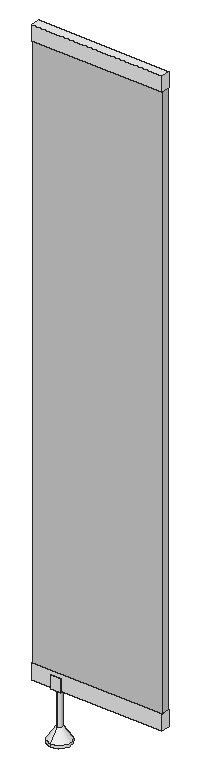
Revit family
Parameters
  Vis - Cubicle Legs [instance] = yes
  Top Frame Depth = 45 mm
  Panel Width [instance] = 400 mm
  Material Cubicle Panels = Toilet Cubicle Paneling
  Material Cubicle Frame = Toilet Cubicle Frame
  Material Cubicle Feet = Toilet Cubicle Feet
  Leg Location = 75 mm
  Keynote = "K32"
  Cubicle Panel Thickness = 20 mm
  Cubicle Height = 1800 mm
  Bttm Frame Depth = 45 mm
  Base Offset = 150 mm
Reference planes
  plane 1: z = 0
  plane 2: x = 397.931
  plane 3: y = -1800
  plane 4: z = 150
  plane 5: z = 1950
  plane 6: z = 1905
  plane 7: z = 195
  plane 8: x = 797.931
  plane 9: x = 472.931
Forms (mm)
  Extrusion 1, solid, material "Toilet Cubicle Frame" <- "Material Cubicle Frame"
    sketch origin (1042.5, 0, 195) x (0, -1, 0) y (-1, 0, 0)
      loop
        line (1813, 644.569) -> (1787.295, 644.569) -> (1787.295, 244.569) -> (1813, 244.569) -> (1813, 644.569)
    from 0 to 45
  Extrusion 2, solid, material "Toilet Cubicle Frame" <- "Material Cubicle Frame"
    sketch origin (1042.5, 0, 1950) x (0, -1, 0) y (-1, 0, 0)
      loop
        line (1813, 644.569) -> (1787.295, 644.569) -> (1787.295, 244.569) -> (1813, 244.569) -> (1813, 644.569)
    from 0 to 45
  Extrusion 3, solid, material "Toilet Cubicle Paneling" <- "Material Cubicle Panels"
    sketch origin (0, 0, 1950) x (0, -1, 0) y (-1, 0, 0)
      loop
        line (1810, -797.931) -> (1810, -397.931) -> (1790, -397.931) -> (1790, -797.931) -> (1810, -797.931)
    from 45 to 1755
Dimensions and locks
  "Base Offset": plane 4 to level
  "Cubicle Height": plane 5 to plane 4
  "Top Frame Depth": plane 5 to plane 6
  "Bttm Frame Depth": plane 7 to plane 4
  "Panel Width": plane 2 to plane 8
  "Leg Location": plane 2 to plane 9
  aligned and locked: Extrusion 2 to plane 5
  aligned and locked: plane 6 to Extrusion 2
  aligned and locked: Extrusion 1 to plane 7
  aligned and locked: plane 4 to Extrusion 1
  aligned and locked: plane 7 to Extrusion 3
  aligned and locked: Extrusion 3 to plane 6
  aligned and locked: Extrusion 1 sketch curve to plane 8
  aligned and locked: plane 2 to Extrusion 1 sketch curve
  aligned and locked: Extrusion 2 sketch curve to plane 8
  aligned and locked: plane 2 to Extrusion 2 sketch curve
  aligned and locked: Extrusion 1 to Extrusion 3
  aligned and locked: plane 9 to nested 1
  aligned and locked: plane 3 to nested 1
Automatic sketch dimensions
  Extrusion 1 sketch curve to plane 3 = 12.705 mm
  plane 3 to Extrusion 1 sketch curve = 13 mm
  Extrusion 2 sketch curve to plane 3 = 12.705 mm
  plane 3 to Extrusion 2 sketch curve = 13 mm
  Extrusion 3 sketch curve to plane 2 = 0 mm
  Extrusion 3 sketch curve to plane 3 = 10 mm
  plane 3 to Extrusion 3 sketch curve = 10 mm
  Extrusion 3 sketch curve to plane 8 = 0 mm
Nested families
  nested 1: "Toilet Cubicle Leg" at (472.931, -1800, 0) x (0, -1, 0) z (0, 0, 1), type "Toilet Cubicle Leg"
Definition of nested family "Toilet Cubicle Leg"
  Parameters
    Vis - Cubicle Legs = yes
    Partition Thickness = 20 mm
    Material Legs = Metal - Aluminium
    Foot Height = 150 mm
  Reference planes
    plane 1 "Center (Front/Back)": y = 0
    plane 2: z = 0
    plane 3 "Center (Left/Right)": x = 0
    plane 4: z = 150
    plane 5: x = -10
    plane 6: x = 10
  Forms (mm)
    Revolve 1, solid, material "Metal - Aluminium" <- "Material Legs", visible <- "Vis - Cubicle Legs"
      sketch origin (0, 0, 0) x (1, 0, 0) y (0, 0, 1)
        loop
          line (-7.5, 145) -> (-7.5, 43.57) -> (-32.943, 7.234) -> (-32.943, 0) -> (0, 0) -> (0, 145) -> (-7.5, 145)
        axis (0, 0) -> (0, 145)
      angle from 0 to 360
    Extrusion 2, solid, material "Metal - Aluminium" <- "Material Legs", visible <- "Vis - Cubicle Legs"
      sketch origin (0, 0, 0) x (1, 0, 0) y (0, 0, 1)
        loop
          line (15, 145) -> (15, 185) -> (10, 185) -> (10, 150) -> (-10, 150) -> (-10, 185) -> (-15, 185) -> (-15, 145) -> (15, 145)
      from 15 to -15
  Dimensions and locks
    "Foot Height": plane 4 to plane 2
    "Partition Thickness": plane 6 to plane 5
    equal spacing: plane 6, plane 3 "Center (Left/Right)", plane 5
    aligned and locked: plane 6 to Extrusion 2 sketch curve
    aligned and locked: plane 5 to Extrusion 2 sketch curve
  Automatic sketch dimensions
    Revolve 1 sketch curve to level = 0 mm
    Revolve 1 sketch curve to plane 3 "Center (Left/Right)" = 0 mm  (x2)
    Revolve 1 sketch curve to plane 3 "Center (Left/Right)" = 7.5 mm
    Revolve 1 sketch curve to plane 3 "Center (Left/Right)" = 32.943 mm
    Revolve 1 sketch curve to level = 60 mm
    Revolve 1 sketch curve to Revolve 1 sketch curve = 7.234 mm
    level to Revolve 1 sketch curve = 43.57 mm
    plane 4 to Revolve 1 sketch curve = 5 mm
    Revolve 1 sketch curve to plane 4 = 65 mm
    Extrusion 2 sketch curve to plane 4 = 0 mm
    Extrusion 2 sketch curve to Extrusion 2 sketch curve = 5 mm  (x2)
    plane 4 to Extrusion 2 sketch curve = 5 mm
    Extrusion 2 sketch curve to Extrusion 2 sketch curve = 35 mm
    Extrusion 2 sketch curve to Extrusion 2 sketch curve = 0 mm
